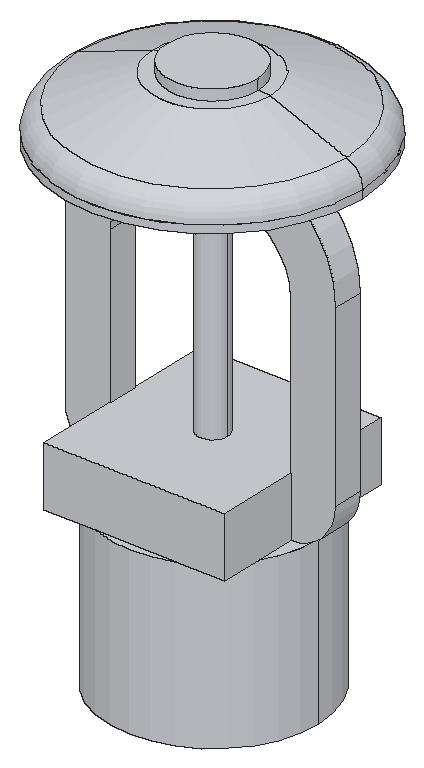
Revit family
Parameters (values of type "RASCO F1FR56-300 UPRIGHT")
  URL = ""
  Temperature Rating = 155 °F
  Response = 1
  RASCO SIN # = "RA2625"
  RASCO Part # = "F1FR56U1B3"
  Pressure Rating = "300 PSI"
  Pressure Class = 1
  Orifice Size = 1/2"
  Orifice = (empty or 0)
  Model = "F1FR56-300"
  Manufacturer = "RASCO"
  K-Factor = 5.6
  Description = "Brz. Finish"
  Coverage = (empty or 0)
Reference planes (in)
  plane 1 "Center (Front/Back)": y = 0
  plane 2: z = 0
  plane 3 "Center (Left/Right)": x = 0
Nested families (in)
  nested 1: "F1FR56U1B3" at (0.03629, 0.14333, 0), type "RASCO F1FR56-300 UPRIGHT"
Connectors (in)
  piping at (0.03629, 0.14333, 0)
    settings: on nested 1, index 1, connector radius 115/256", flow factor 0, pipe flow 0 GPM, pressure drop 0.00 psi, fitting loss kfactor 0, connector angle 0.00°, fixture units 0, flow configuration 0, flow direction 0, fitting loss method 0, system type 7, connector reference index -1, connector utility 0, adjustable connector no, is connector primary yes, fitting loss table "", connector description ""
Definition of nested family "F1FR56U1B3"
  Parameters (values of type "RASCO F1FR56-300 UPRIGHT")
    Type Comments = ""
    Temperature Rating = 0 °F
    Response = (empty or 0)
    Pressure Rating = "0"
    Pressure Class = (empty or 0)
    Orifice Size = 0"
    Orifice = (empty or 0)
    Model = ""
    Manufacturer = ""
    K-Factor = 0
    Description = ""
    Coverage = (empty or 0)
    Assembly Code = ""
  Reference planes (in)
    plane 1 "Center (Front/Back)": y = 0
    plane 2: z = 0
    plane 3 "ref.2": z = 0.6875
    plane 4 "ref.3": z = 0.9375
    plane 5: x = -0.38065
    plane 6: x = 0.36935
    plane 7 "ref. side 1": y = 0.06402
    plane 8 "ref. side 2": y = -0.06098
    plane 9 "ref.4": z = 1.875
    plane 10 "ref.5": z = 2.3125
    plane 11 "ref.6": z = 2.4375
  Forms (in)
    Extrusion 1, solid
      sketch origin (0, 0, 0) x (1, 0, 0) y (0, 1, 0)
        loop
          circle (0, 0) r 0.4375
      from 0 to 0.6875
    Extrusion 2, solid
      sketch origin (-0.12185, 0.05177, 0.6875) x (1, 0, 0) y (0, 1, 0)
        loop
          line (-0.2588, 0.356) -> (-0.2588, -0.4565) -> (0.4912, -0.4565) -> (0.4912, 0.356) -> (-0.2588, 0.356)
      from 0 to 0.25
    Extrusion 3, solid
      sketch origin (0, 0, 0) x (1, 0, 0) y (0, 0, 1)
        loop
          line (-0.38065, 0.68754) -> (-0.38065, 1.58397)
          arc (-0.38065, 1.58397) -> (-0.29541, 1.78976) -> (-0.08962, 1.875) r 0.29103
          line (-0.08962, 1.875) -> (0.07524, 1.875)
          arc (0.07524, 1.875) -> (0.28321, 1.78886) -> (0.36935, 1.58089) r 0.29411
          line (0.36935, 1.58089) -> (0.36935, 0.68751)
          arc (0.36935, 0.68751) -> (0.50207, 0.74393) -> (0.55685, 0.87734) r 0.18984
          line (0.55685, 0.87734) -> (0.55685, 1.61676)
          arc (0.55685, 1.61676) -> (0.42629, 1.93194) -> (0.11111, 2.0625) r 0.44574
          line (0.11111, 2.0625) -> (-0.12259, 2.0625)
          arc (-0.12259, 2.0625) -> (-0.43765, 1.932) -> (-0.56815, 1.61694) r 0.44556
          line (-0.56815, 1.61694) -> (-0.56815, 0.87876)
          arc (-0.56815, 0.87876) -> (-0.51345, 0.74486) -> (-0.38065, 0.68754) r 0.19126
      from -0.06402 to 0.06098
    Extrusion 4, solid
      sketch origin (0, 0, 0.9375) x (-1, 0, 0) y (0, -1, 0)
        loop
          circle (0.00574, -0.00152) r 0.0625
      from 0 to 0.9375
    Extrusion 5, solid
      sketch origin (0, 0, 1.875) x (-1, 0, 0) y (0, -1, 0)
        loop
          circle (0.00574, -0.00152) r 0.1875
      from 0 to 0.4375
    Revolve 6, solid
      sketch origin (0, 0, -0.31276) x (1, 0, 0) y (0, 0, 1)
        loop
          line (-0.19324, 2.33367) -> (-0.19324, 2.58367) -> (-0.24995, 2.58367) -> (-0.56395, 2.46314)
          arc (-0.56395, 2.46314) -> (-0.61243, 2.42492) -> (-0.63074, 2.36595) r 0.1041
          line (-0.63074, 2.36595) -> (-0.63074, 2.33367) -> (-0.19324, 2.33367)
        axis (-0.00574, 2.33367) -> (-0.00574, 2.58367)
      angle from 0 to 360
  Cuts and joins
    joined: Extrusion 1, Extrusion 2, Extrusion 4, Revolve 6
  Lines and regions (in)
    model lines
      curve 1: line (-0.00574, 0.06402, 1.875) -> (-0.00574, -0.06098, 1.875)
